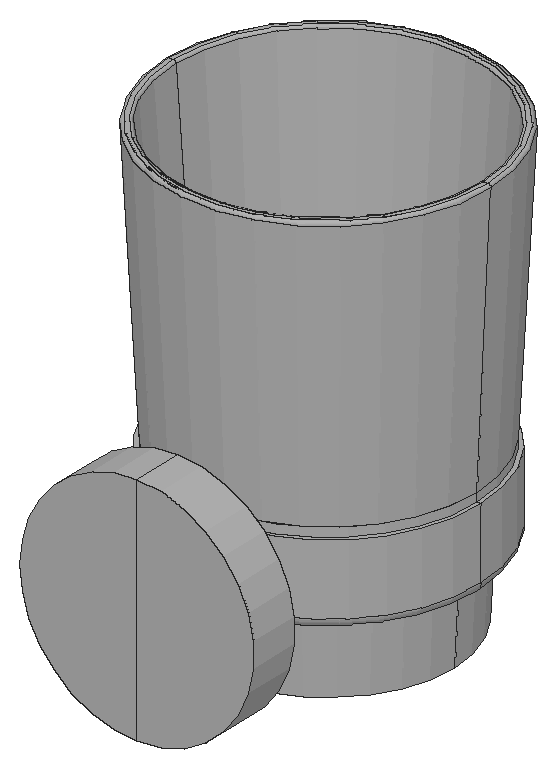
Revit family "TH6016661_Kit por 6 Accesorios Thames(Cepillera)", category Plumbing Fixtures, Revit 2019
Family settings
  Round Connector Dimension = Use Diameter
  Part Type = Normal
  OmniClass Number = 23.19.25.13.21.17
  OmniClass Title = Fittings
  Work Plane-Based = No
  Always vertical = Yes
  Cut with Voids When Loaded = No
  Shared = No
  Room Calculation Point = No
Parameters
  Uso = "Residencial"  # constant formula
  URL = "https://corona.co/productos/accesorios/kit-por-6-accesorios-thames/p/TH6016661"
  Resistencia = "Resistente a la corrosión pelado y decoloración por agua, Resistencia al peso general hasta 9 kg, Resistencia al peso del toallero barra hasta 23 kg"  # constant formula
  Número de piezas = "6"  # constant formula
  Materiales = "Cromado"  # constant formula
  Material = Corona_Cromo
  Línea = "Torino"  # constant formula
  Garantías de otros componentes = "2 años en acabados"  # constant formula
  Garantía = "30 años en estructura"  # constant formula
  Fecha de creación = "14/08/2020"  # constant formula
  Description = "Nuestro kit de accesorios que reflejan las últimas tendencias de diseño, convirtiéndose así en el mejor complemento para tu baño. ¡Pídelo ahora!"  # constant formula
  Creado por = "IDD"  # constant formula
  Componentes = "Percha, Toallero, Jabonera, Barra, Cepillera, Portarrollo"  # constant formula
  Colección = "Gama Media 2010"  # constant formula
  Acabado = "Cromado"  # constant formula
Reference planes
  plane 1 "Center (Front/Back)": y = 0
  plane 2: z = 0
  plane 3 "Center (Left/Right)": x = 0
Forms (mm)
  Extrusion 1, solid, material "Corona_Cromo" <- "Material", detail levels coarse
    sketch origin (0, 0, 0) x (1, 0, 0) y (0, 1, 0)
      loop
        line (-33.812, 0) -> (31.602, 0) -> (31.602, 81.527) -> (-33.812, 81.527) -> (-33.812, 0)
    from -21.033 to 68.073
  Revolve 2, solid, material "Corona_Cromo" <- "Material", detail levels medium+fine
    sketch origin (-121.575, 48.75, -167.3) x (1, 0, 0) y (0, 0, 1)
      loop
        line (120.484, 147.508) -> (96.774, 147.508) -> (90.248, 234.049)
        arc (90.248, 234.049) -> (90.074, 234.41) -> (89.701, 234.557) r 0.548
        line (89.701, 234.557) -> (88.86, 234.557)
        arc (88.86, 234.557) -> (88.411, 234.363) -> (88.241, 233.904) r 0.62
        line (88.241, 233.904) -> (91.122, 178.926) -> (91.122, 177.157) -> (90.238, 177.157) -> (90.238, 163.093)
        arc (90.238, 163.093) -> (90.779, 161.788) -> (92.084, 161.247) r 1.846
        line (92.084, 161.247) -> (94.699, 161.247) -> (95.484, 146.267) -> (120.484, 146.267) -> (120.484, 147.508)
      axis (120.484, 234.557) -> (120.484, 146.267)
    angle from 0 to 360
  Revolve 3, solid, material "Corona_Cromo" <- "Material", detail levels medium+fine
    sketch origin (0.042, 85.192, 315.806) x (0, 0, -1) y (0, -1, 0)
      loop
        line (313.607, 66.186) -> (313.607, 85.192) -> (290.398, 85.192) -> (290.398, 75.192) -> (307.912, 75.192) -> (307.912, 66.186) -> (313.607, 66.186)
      axis (313.607, 66.186) -> (313.607, 85.192)
    angle from 0 to 360
Dimensions and locks
  aligned and locked: level to plane 2
